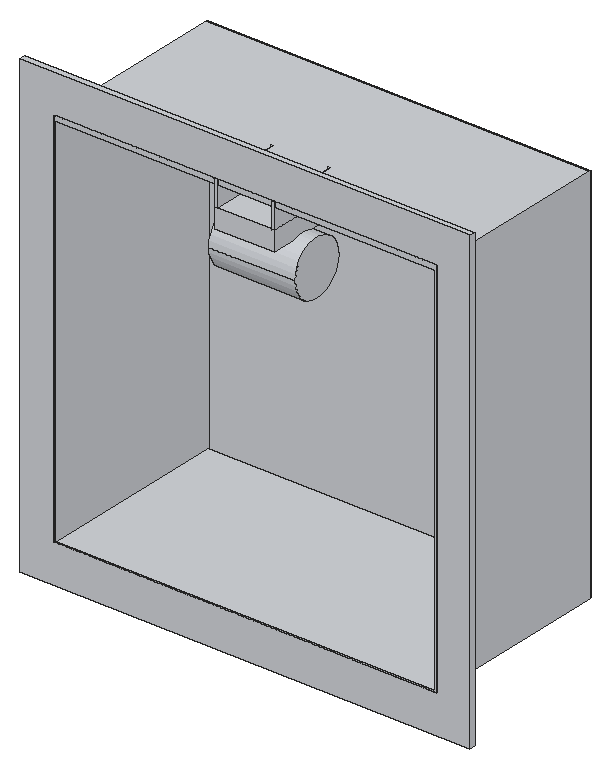
Revit family "НЕВАТОМ_Клапан KD-120-AxB-F1-VN-EM-24(220)-04", category Арматура воздуховодов, Revit 2017
Family settings
  Размер круглого соединителя = Использовать диаметр
  Тип детали = Вставляется
  На основе рабочей плоскости = Нет
  Всегда вертикально = Да
  При загрузке вырезать с полостями = Нет
  Общий = Нет
Parameters (values of type "НЕВАТОМ_Клапан KD-120-AxB-F1-VN-EM-24(220)-04")
  Постоянная ширина [instance] = 200 mm
  НЕВАТОМ_URL [instance] = "https://t.me/NEVATOM_Bim_bot"
  Клапан = "НЕВАТОМ_Клапан KD-120-AxB-F1-VN-EM-24(220)-04"  # constant formula
  НЕВАТОМ_открытое положение заслонки [instance] = no
  НЕВАТОМ_закрытое положение заслонки [instance] = and(not(НЕВАТОМ_открытое положение заслонки))  # yes
  Выбор напряжения [instance] = if(U24, 1 mm, 0 mm)  # 1 mm
  t фланца = 2.5 mm
  t корпуса = 220 mm - 2.5 mm  # 217.5 mm
  h прохода = 220 mm - 5 mm  # 215 mm
  U24 [instance] = yes
  U220 [instance] = and(not(U24))  # no
  B-16 [instance] = B  # 400 mm
  B+80 [instance] = B + 80 mm  # 480 mm
  B+50 [instance] = B + 50 mm  # 450 mm
  B [instance] = 400 mm
  ADSK_Ток = 3 A  # constant formula
  ADSK_Расход воздуха = 0.0 m³/h
  ADSK_Размер_Ширина [instance] = A  # 400 mm
  ADSK_Размер_Высота [instance] = B  # 400 mm
  ADSK_Предел огнестойкости = "120"  # constant formula
  ADSK_Полная мощность = 30 VA  # constant formula
  ADSK_Обозначение = ""
  ADSK_Номинальная мощность = ADSK_Полная мощность * ADSK_Коэффициент мощности  # 30 W
  ADSK_Напряжение [instance] = if(U24, 24 V, 220 V)  # 24 V
  ADSK_Наименование [instance] = "Клапан дымоудаления стеновой"  # constant formula
  ADSK_Масса [instance] = size_lookup(Клапан, "N", 0, A, B, Выбор напряжения)  # 0
  ADSK_Марка [instance] = size_lookup(Клапан, "", "нестандартное исполнение", A, B, Выбор напряжения)  # "KD-120-400x400-F1-VN-EM-24"
  ADSK_Коэффициент мощности = 1  # constant formula
  ADSK_Количество = 1  # constant formula
  ADSK_Код изделия = ""
  ADSK_Зона = ""
  ADSK_Завод-изготовитель = "НЕВАТОМ"  # constant formula
  ADSK_Единица измерения = "шт."  # constant formula
  A-10 [instance] = A - 10 mm  # 390 mm
  A+70 [instance] = A + 70 mm  # 470 mm
  A+40 [instance] = A + 40 mm  # 440 mm
  A [instance] = 400 mm
Reference planes
  plane 1 "По центру (Вперед/Назад)": y = 93.784
  plane 2: z = 0
  plane 3 "По центру (Влево/Вправо)": x = 0
  plane 4: y = -106.216
  plane 5: z = 240
  plane 6: z = -240
  plane 7: x = -235
  plane 8: x = 235
  plane 9: x = -200
  plane 10: x = 200
  plane 11: z = 200
  plane 12: z = -200
  plane 13 "заслонка": y = 570
  plane 14: y = -106.216
Forms (mm)
  Extrusion 1, solid, detail levels medium+fine
    sketch origin (0, 93.784, 0) x (1, 0, 0) y (0, 0, 1)
      loop
        line (-235, 240) -> (-235, -240) -> (235, -240) -> (235, 240) -> (-235, 240)
      loop
        line (-200, 200) -> (-200, -200) -> (200, -200) -> (200, 200) -> (-200, 200)
    from 193.784 to 200
  Extrusion 2, solid, detail levels medium+fine
    sketch origin (0, 93.784, 0) x (1, 0, 0) y (0, 0, 1)
      loop
        line (-200, 200) -> (-200, -200) -> (200, -200) -> (200, 200) -> (-200, 200)
      loop
        line (-198, 194.621) -> (-198, -199.108) -> (198, -199.108) -> (198, 194.621) -> (-198, 194.621)
    from 0 to 200
  Extrusion 3, solid, visible <- "НЕВАТОМ_закрытое положение заслонки", detail levels medium+fine
    sketch origin (0, 93.784, 0) x (0, 1, 0) y (0, 0, 1)
      loop
        line (0, 200) -> (0, -200) -> (1.324, -200) -> (1.324, 200) -> (0, 200)
    from 200 to -200
Dimensions and locks
  equal spacing: plane 5, level, plane 6
  equal spacing: plane 11, level, plane 12
  plane 8 to plane 3 "По центру (Влево/Вправо)" to plane 7 = 235 mm, 235 mm
  plane 10 to plane 3 "По центру (Влево/Вправо)" to plane 9 = 200 mm, 200 mm
  "A+70": plane 8 to plane 7
  "A": plane 10 to plane 9
  "B+80": plane 5 to plane 6
  "B-16": plane 11 to plane 12
  locked: Extrusion 1 to Extrusion 1 at 6.216
  locked: Extrusion 2 sketch curve to Extrusion 1 at 0.892
  "Постоянная ширина": plane 1 "По центру (Вперед/Назад)" to plane 4
  Extrusion 2 to Extrusion 3 sketch curve = 1.324 mm
  locked: Extrusion 3 to Extrusion 3 at 1.324
  Extrusion 3 to Extrusion 3 = 400 mm  (x2)
  plane 11 to level to plane 12 = 200 mm, 200 mm
  plane 10 to plane 9 = 400 mm
  Extrusion 2 sketch curve to Extrusion 2 sketch curve = 2 mm  (x2)
  equal spacing: plane 9, plane 3 "По центру (Влево/Вправо)", plane 10
  plane 9 to plane 10 = 400 mm
  equal spacing: plane 8, plane 3 "По центру (Влево/Вправо)", plane 7
  aligned and locked: level to plane 2
  aligned and locked: Extrusion 1 sketch curve to plane 5
  aligned and locked: plane 6 to Extrusion 1 sketch curve
  aligned and locked: Extrusion 1 sketch curve to plane 11
  aligned and locked: plane 12 to Extrusion 1 sketch curve
  aligned and locked: Extrusion 1 to plane 4
  aligned and locked: Extrusion 2 sketch curve to plane 11
  aligned and locked: plane 12 to Extrusion 2 sketch curve
  aligned and locked: Extrusion 2 to plane 4
  aligned and locked: Extrusion 2 to plane 1 "По центру (Вперед/Назад)"
  aligned and locked: plane 4 to plane 14
  aligned and locked: plane 12 to Extrusion 3 sketch curve
  aligned and locked: Extrusion 3 sketch curve to plane 11
  aligned and locked: plane 1 "По центру (Вперед/Назад)" to Extrusion 3
  aligned and locked: plane 10 to Extrusion 2
  aligned and locked: Extrusion 3 to plane 9
  aligned and locked: plane 10 to Extrusion 3
  aligned and locked: plane 8 to Extrusion 1
  aligned and locked: Extrusion 1 to plane 7
  aligned and locked: plane 11 to nested 2
  aligned and locked: nested 2 to plane 3 "По центру (Влево/Вправо)"
  aligned and locked: nested 2 to plane 14
Automatic sketch dimensions
  Extrusion 3 sketch curve to plane 1 "По центру (Вперед/Назад)" = 0 mm
  Extrusion 2 sketch curve to plane 11 = 5.379 mm
  Extrusion 2 sketch curve to plane 9 = 0 mm
  Extrusion 2 sketch curve to plane 10 = 0 mm
  Extrusion 1 sketch curve to plane 7 = 0 mm
  plane 7 to Extrusion 1 sketch curve = 35 mm
  Extrusion 1 sketch curve to plane 10 = 0 mm
  plane 10 to Extrusion 1 sketch curve = 35 mm
Nested families
  nested 1: "Семейство1" at (0, 0, 0), A-30 <- "A-10", B-16 <- "B-16", visible <- "НЕВАТОМ_открытое положение заслонки", type "Семейство1"
    with B-16 400 mm, A-30 390 mm
  nested 2: "НЕВАТОМ_Привод EM" at (0, -70.216, 200) x (-1, 0, 0) z (0, 0, -1), type "НЕВАТОМ_Привод EM", detail levels medium+fine
  nested 3: "НЕВАТОМ_УГО_Клапан KD" at (0, -6.216, 0) x (-1, 0, 0) z (0, 0, 1), Ширина клапана <- "ADSK_Размер_Ширина", Толщина клапана <- "Постоянная ширина", type "НЕВАТОМ_УГО_Клапан KD"
    with Ширина клапана 400 mm, Толщина клапана 200 mm
Connectors
  hvac at (0, 93.784, -2.243), driven by "B", driven by "A", driven by "ADSK_Расход воздуха"
    settings: on Extrusion 2, index 1, duct flow 0.0 m³/h, flow factor 0, pres drop 0.0 Pa, loss coef 0, conn angle 0.00°, conn width 400 mm, conn height 400 mm, conn diameter 609.6 mm, duct sys type 29, conn prof type 1, flow config 0, flow direction 0, loss method 0, conn ref index -1, conn util no, is conn primary yes, conn desc ""
  hvac at (0, -106.216, 0), driven by "B", driven by "A"
    settings: on Extrusion 1, index 2, duct flow 0.0 m³/h, flow factor 0, pres drop 0.0 Pa, loss coef 0, conn angle 0.00°, conn width 400 mm, conn height 400 mm, conn diameter 609.6 mm, duct sys type 28, conn prof type 1, flow config 0, flow direction 0, loss method 0, conn ref index -1, conn util no, is conn primary no, conn desc ""
  hvac at (0, -106.216, 0), driven by "B", driven by "A", driven by "ADSK_Расход воздуха"
    settings: on Extrusion 1, index 3, duct flow 0.0 m³/h, flow factor 0, pres drop 0.0 Pa, loss coef 0, conn angle 0.00°, conn width 400 mm, conn height 400 mm, conn diameter 609.6 mm, duct sys type 29, conn prof type 1, flow config 0, flow direction 0, loss method 0, conn ref index -1, conn util no, is conn primary no, conn desc ""
  electrical at (0, -6.216, 200), driven by "ADSK_Напряжение", driven by "ADSK_Полная мощность"
    settings: on Extrusion 2, index 4, voltage 24 V, apparent load 0 VA, apparent load phase1 30 VA, apparent load phase2 0 VA, apparent load phase3 0 VA, power factor 1, load classification "Прочее", number of poles 1, system type 31, power factor state 1, is connector primary yes, connector utility no, sub classification motor no, connector description ""
Definition of nested family "Семейство1"
  Parameters (values of type "Семейство1")
    B-16 [instance] = 800 mm
    A-30 [instance] = 800 mm
  Reference planes
    plane 1 "По центру (Вперед/Назад)": y = 0
    plane 2: z = 0
    plane 3 "По центру (Влево/Вправо)": x = 0
    plane 4: y = 400
    plane 5: y = -400
    plane 6: x = -400
    plane 7: x = 400
  Forms (mm)
    Extrusion 1, solid
      sketch origin (0, 0, 0) x (1, 0, 0) y (0, 1, 0)
        loop
          line (-400, 400) -> (-400, -400) -> (400, -400) -> (400, 400) -> (-400, 400)
      from 0 to 3.086
  Dimensions and locks
    equal spacing: plane 6, plane 3 "По центру (Влево/Вправо)", plane 7
    equal spacing: plane 4, plane 1 "По центру (Вперед/Назад)", plane 5
    "B-16": plane 4 to plane 5
    "A-30": plane 6 to plane 7
    locked: Extrusion 1 to Extrusion 1 at 3.086  (x2)
    aligned and locked: level to plane 2
    aligned and locked: Extrusion 1 sketch curve to plane 7
    aligned and locked: Extrusion 1 sketch curve to plane 4
    aligned and locked: plane 6 to Extrusion 1 sketch curve
    aligned and locked: plane 5 to Extrusion 1 sketch curve
Definition of nested family "НЕВАТОМ_Привод EM"
  Parameters (values of type "НЕВАТОМ_Привод EM")
    d = 57 mm
    b = 72 mm
    a = 62 mm
  Reference planes
    plane 1 "По центру (Вперед/Назад)": y = 0
    plane 2: z = 0
    plane 3 "По центру (Влево/Вправо)": x = 0
  Forms (mm)
    Extrusion 1, solid
      sketch origin (0, 0, 0) x (1, 0, 0) y (0, 1, 0)
        loop
          line (-31, 36) -> (-31, -36) -> (31, -36) -> (31, 36) -> (-31, 36)
      from 26.971 to 47
    Extrusion 2, solid
      sketch origin (43.842, 0, -10.015) x (0, -1, 0) y (0, 0, 1)
        loop
          circle (0, 82.565) r 28.5
      from 0 to 90
    Extrusion 3, solid
      sketch origin (0, 0, 0) x (1, 0, 0) y (0, 0, 1)
        loop
          line (31, 26.971) -> (28.513, 26.971) -> (28.513, 0) -> (31, 0) -> (31, 26.971)
        loop
          line (-28.513, 26.971) -> (-31, 26.971) -> (-31, 0) -> (-28.513, 0) -> (-28.513, 26.971)
      from -36 to 36
  Dimensions and locks
    equal spacing: Extrusion 1 sketch curve, plane 3 "По центру (Влево/Вправо)", Extrusion 1 sketch curve
    equal spacing: Extrusion 1 sketch curve, plane 1 "По центру (Вперед/Назад)", Extrusion 1 sketch curve
    "a": Extrusion 1 sketch curve to Extrusion 1 sketch curve
    "b": Extrusion 1 sketch curve to Extrusion 1 sketch curve
    Extrusion 1 to Extrusion 1 = 20.029 mm
    "d": diameter of Extrusion 2 sketch curve
    aligned and locked: level to plane 2
    aligned and locked: Extrusion 3 to Extrusion 1
    aligned and locked: Extrusion 1 to Extrusion 3
  Automatic sketch dimensions
    Extrusion 3 sketch curve to level = 0 mm  (x2)
    Extrusion 3 sketch curve to plane 3 "По центру (Влево/Вправо)" = 31 mm
    Extrusion 3 sketch curve to Extrusion 3 sketch curve = 2.487 mm  (x2)
    plane 3 "По центру (Влево/Вправо)" to Extrusion 3 sketch curve = 28.513 mm
    level to Extrusion 3 sketch curve = 26.971 mm  (x2)
    Extrusion 2 sketch curve to plane 1 "По центру (Вперед/Назад)" = 0 mm
    level to Extrusion 2 sketch curve = 72.55 mm
Definition of nested family "НЕВАТОМ_УГО_Клапан KD"
  Parameters (values of type "НЕВАТОМ_УГО_Клапан KD")
    Ширина косой линии УГО = 150 mm
    Ширина клапана [instance] = 200 mm
    Толщина клапана [instance] = 120 mm
  Reference planes
    plane 1 "По центру (Вперед/Назад)": y = 0
    plane 2: z = 0
    plane 3 "По центру (Влево/Вправо)": x = 0
    plane 4: x = -100
    plane 5: x = 100
    plane 6: y = 60
    plane 7: y = -60
  Lines and regions (mm)
    symbolic lines, not visible
      curve 1: line (-77.5, 60, 0) -> (-77.5, -60, 0)
      curve 2: line (-22.5, 60, 0) -> (-22.5, -60, 0)
      curve 6: line (-50, 60, 0) -> (-50, -60, 0)
    model lines, not visible, detail levels coarse
      curve 3: line (-77.5, -60, 0) -> (-61.458, -24.999, 0)
      curve 4: circle (-50, 0, 0) r 27.5 normal (0, 0, 1)
      curve 5: line (-38.542, 24.999, 0) -> (-22.5, 60, 0)
    model lines, detail levels coarse+medium
      curve 7: line (-100, 60, 0) -> (100, 60, 0)
      curve 8: line (-100, -60, 0) -> (-100, 60, 0)
      curve 9: line (100, -60, 0) -> (-100, -60, 0)
      curve 10: line (100, 60, 0) -> (100, -60, 0)
  Dimensions and locks
    equal spacing: plane 7, plane 1 "По центру (Вперед/Назад)", plane 6
    "Толщина клапана": plane 7 to plane 6
    equal spacing: plane 4, plane 3 "По центру (Влево/Вправо)", plane 5
    "Ширина клапана": plane 4 to plane 5
    aligned and locked: level to plane 2
    aligned and locked: curve 7 to plane 6
    aligned and locked: plane 4 to curve 8
    aligned and locked: curve 9 to plane 7
    aligned and locked: curve 10 to plane 5
    aligned and locked: plane 1 "По центру (Вперед/Назад)" to nested 2
    aligned and locked: plane 3 "По центру (Влево/Вправо)" to nested 2
  Automatic sketch dimensions
    curve 3 to curve 4 = 27.5 mm
    curve 1 to curve 5 = 55 mm
    curve 3 to curve 4 = 60 mm
    curve 4 to curve 5 = 60 mm
    curve 3 to curve 4 = 11.458 mm
    curve 6 to curve 2 = 27.5 mm
    curve 4 to curve 5 = 11.458 mm
    curve 3 to curve 2 = 0 mm
    curve 6 to curve 2 = 0 mm  (x2)
    curve 3 to curve 4 = 24.999 mm
    curve 1 to curve 6 = 0 mm
  Nested families
    nested 1: "РОВЕН_ЛинияДляЗаливкиУГО" at (-50, -0.543, 0), type "РОВЕН_ЛинияДляЗаливкиУГО", not visible
      with l 156.205 mm
    nested 2: "РОВЕН_УгоКлапанДМУ2D" at (0, 0, 0), Толщина клапана <- "Толщина клапана", Ширина клапана <- "Ширина клапана", type "РОВЕН_УгоКлапанДМУ2D", detail levels coarse+medium
      with Ширина клапана 200 mm, Толщина клапана 120 mm
  Definition of nested family "РОВЕН_УгоКлапанДМУ2D"
    Parameters (values of type "РОВЕН_УгоКлапанДМУ2D")
      Ширина клапана [instance] = 250 mm
      Толщина клапана [instance] = 120 mm
      Отступ для УГО = 60 mm
      Материал = none
    Reference planes
      plane 1 "По центру (Вперед/Назад)": y = 0
      plane 2: z = 0
      plane 3 "По центру (Влево/Вправо)": x = 0
      plane 4: x = -125
      plane 5: x = 125
      plane 6: y = 60
      plane 7: y = -60
      plane 8: x = -65
      plane 9: x = 65
      plane 10: z = 1
    Forms (mm)
      Extrusion 1, solid, material <- "Материал"
        sketch origin (0, 0, 0) x (1, 0, 0) y (0, 1, 0)
          loop
            line (-125, 60) -> (-125, -60) -> (125, -60) -> (-125, 60)
        from 0 to 1
    Lines and regions (mm)
      symbolic lines, not visible
        curve 1: line (-77.5, 60, 0) -> (-77.5, -60, 0)
        curve 2: line (-22.5, 60, 0) -> (-22.5, -60, 0)
        curve 6: line (-50, 60, 0) -> (-50, -60, 0)
      model lines, not visible, detail levels coarse
        curve 3: line (-77.5, -60, 0) -> (-61.458, -24.999, 0)
        curve 4: circle (-50, 0, 0) r 27.5 normal (0, 0, 1)
        curve 5: line (-38.542, 24.999, 0) -> (-22.5, 60, 0)
      model lines, not visible, detail levels coarse+medium
        curve 7: line (-125, 60, 0) -> (125, 60, 0)
        curve 8: line (-125, -60, 0) -> (-125, 60, 0)
        curve 9: line (125, -60, 0) -> (-125, -60, 0)
        curve 10: line (125, 60, 0) -> (125, -60, 0)
    Dimensions and locks
      equal spacing: plane 7, plane 1 "По центру (Вперед/Назад)", plane 6
      "Толщина клапана": plane 7 to plane 6
      equal spacing: plane 4, plane 3 "По центру (Влево/Вправо)", plane 5
      "Ширина клапана": plane 4 to plane 5
      "Отступ для УГО": plane 4 to plane 8
      "Отступ для УГО": plane 9 to plane 5
      locked: plane 10 to plane 2 at 1
      aligned and locked: level to plane 2
      aligned and locked: curve 10 to plane 5
      aligned and locked: Extrusion 1 sketch curve to plane 4
      aligned and locked: plane 7 to Extrusion 1 sketch curve  (x2)
      aligned and locked: plane 6 to Extrusion 1 sketch curve
      aligned and locked: plane 5 to Extrusion 1 sketch curve
      aligned and locked: plane 10 to Extrusion 1
    Automatic sketch dimensions
      curve 3 to curve 4 = 27.5 mm
      curve 1 to curve 5 = 55 mm
      curve 3 to curve 4 = 60 mm
      curve 4 to curve 5 = 60 mm
      curve 3 to curve 4 = 11.458 mm
      curve 6 to curve 2 = 27.5 mm
      curve 4 to curve 5 = 11.458 mm
      curve 3 to curve 2 = 0 mm
      curve 6 to curve 2 = 0 mm  (x2)
      curve 3 to curve 4 = 24.999 mm
      curve 1 to curve 6 = 0 mm
      curve 7 to plane 4 = 0 mm
      curve 8 to plane 6 = 0 mm
      plane 7 to curve 9 = 0 mm
    Nested families
      nested 1: "РОВЕН_ЛинияДляЗаливкиУГО" at (-50, -0.543, 0), type "РОВЕН_ЛинияДляЗаливкиУГО", not visible
        with l 150 mm
    Definition of nested family "РОВЕН_ЛинияДляЗаливкиУГО"
      Parameters (values of type "РОВЕН_ЛинияДляЗаливкиУГО")
        l = 60 mm
      Reference planes
        plane 1 "По центру (Вперед/Назад)": y = 0
        plane 2: z = 0
        plane 3 "По центру (Влево/Вправо)": x = 0
        plane 4: y = 60
      Lines and regions (mm)
        model lines, detail levels coarse+medium
          curve 1: line (0, 0, 0) -> (0, 60, 0)
      Dimensions and locks
        "l": plane 1 "По центру (Вперед/Назад)" to plane 4
        aligned and locked: level to plane 2
        aligned and locked: plane 4 to curve 1
        aligned and locked: plane 1 "По центру (Вперед/Назад)" to curve 1
        aligned and locked: plane 3 "По центру (Влево/Вправо)" to curve 1
  Definition of nested family "РОВЕН_ЛинияДляЗаливкиУГО"
    Parameters (values of type "РОВЕН_ЛинияДляЗаливкиУГО")
      l = 60 mm
    Reference planes
      plane 1 "По центру (Вперед/Назад)": y = 0
      plane 2: z = 0
      plane 3 "По центру (Влево/Вправо)": x = 0
      plane 4: y = 60
    Lines and regions (mm)
      model lines, detail levels coarse+medium
        curve 1: line (0, 0, 0) -> (0, 60, 0)
    Dimensions and locks
      "l": plane 1 "По центру (Вперед/Назад)" to plane 4
      aligned and locked: level to plane 2
      aligned and locked: plane 4 to curve 1
      aligned and locked: plane 1 "По центру (Вперед/Назад)" to curve 1
      aligned and locked: plane 3 "По центру (Влево/Вправо)" to curve 1
